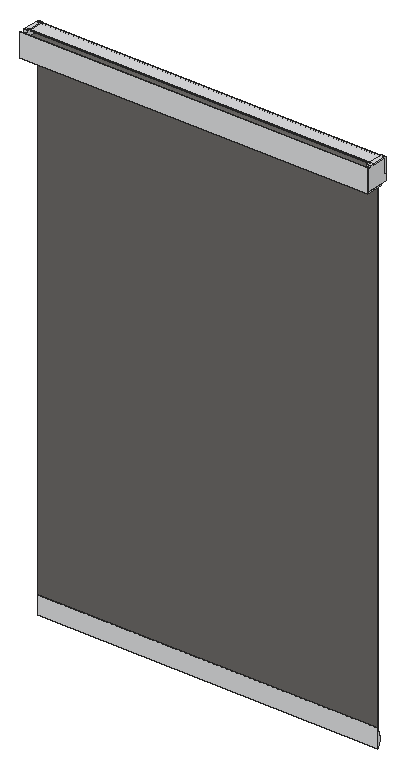
Revit family "Shades-Hunter_Douglas-RB500-Single_Standard_Duty-Auto-Bracket_Fascia-3in", category Specialty Equipment, Revit 2024
Family settings
  Round Connector Dimension = Use Diameter
  Part Type = Normal
  OmniClass Number = 23.30.60.14
  OmniClass Title = Interior Window Treatment
  Work Plane-Based = No
  Enable Cutting in Views = No
  Always vertical = Yes
  Cut with Voids When Loaded = No
  Maintain Annotation Orientation = No
  Shared = No
  Room Calculation Point = No
Parameters (values of type "Automated")
  URL = "https://www.hunterdouglasarchitectural.com/"
  Type Comments = "Roller Shade"  # constant formula
  Model = "Standard Duty Automated 3IN Bracket Fascia"  # constant formula
  Manufacturer = "Hunter Douglas Architectural"  # constant formula
  Description = "Standard Duty Automated Roller Shade"  # constant formula
  Default Elevation = 0' - 0"
  CD_Width [instance] = 4' - 0"
  CD_Warranty = "https://assets.hunterdouglasarchitectural.com/documents/RB500/Lifetime_Guarantee_HDA.pdf?_rand=1465740819000"
  CD_Product Page URL = "https://www.hunterdouglasarchitectural.com/windowcoverings/rollershades/RB500/index.jsp"
  CD_Product Name = "RB 500 Roller Shade System"  # constant formula
  CD_Product Documentation Link = "https://www.hunterdouglasarchitectural.com/windowcoverings/rollershades/RB500/index.jsp#cadDrawing"
  CD_Opening Percentage [instance] = 25
  CD_Microsite = "https://microsite.caddetails.com/1669"
  CD_Install Documentation = "https://www.hunterdouglasarchitectural.com/windowcoverings/rollershades/RB500/index.jsp#installationPage"
  CD_Height Opening [instance] = ((CD_Height - CD_Bracket Height - 0' 1 101/256") * CD_Opening Percentage) / 100  # 1' - 10.82324"
  CD_Height [instance] = 8' - 0"
  CD_Finish Rail = Metal-Hunter_Douglas-Aluminum
  CD_Finish Frame = Metal-Hunter_Douglas-Aluminum
  CD_Finish = Fabric-Shade-Hunter_Douglas-5%-E_Screen-Charcoal_Cocoa
  CD_Fabric Sizing Disclaimer = "Designer to verify maximum fabric size with Manufacturer as the maximum fabric size is dependent on finished dimensions"  # constant formula
  CD_Bracket Height = 0' - 3 5/16"  # constant formula
  CD_Bracket Depth = 0' - 3 9/64"  # constant formula
  Assembly Code = "E2010300"
Reference planes (in)
  plane 1 "Center (Front/Back)": y = -0.11638
  plane 2 "Bottom": z = 0
  plane 3 "Center (Left/Right)": x = 0
  plane 4 "Top": z = 96
  plane 5 "Left": x = -24
  plane 6 "Right": x = 24
  plane 7 "Back": y = 1.57031
  plane 8 "Front": y = -1.57031
  plane 9 "Opening": z = 22.82324
  plane 10 "Head Height": z = 92.6875
  plane 11 "Shade Left": x = -23.44922
  plane 12 "Shade Right": x = 23.44922
  plane 13 "Blind Location": y = 0.87669
  plane 14 "Center (Elevation)": z = 94.26439
Forms (in)
  Extrusion 1, solid, material "Fabric-Shade-Hunter_Douglas-5%-E_Screen-Charcoal_Cocoa" <- "CD_Finish"
    sketch origin (0, -0.16063, 0) x (0, 1, 0) y (0, 0, 1)
      loop
        line (1.05481, 22.82324) -> (1.05481, 93.46875) -> (1.01983, 93.46875) -> (1.01983, 22.82324) -> (1.05481, 22.82324)
    from -23.44922 to 23.44922
  Extrusion 2, solid, material "Metal-Hunter_Douglas-Aluminum" <- "CD_Finish Frame", detail levels medium+fine
    sketch origin (0, 0, 0) x (0, 1, 0) y (0, 0, 1)
      loop
        arc (0.76815, 92.68635) -> (0.81413, 92.70906) -> (0.82405, 92.75937) r 0.05791
        line (0.82405, 92.75937) -> (-1.4994, 92.75937) -> (-1.4994, 95.87162) -> (-1.57031, 95.87162) -> (-1.57031, 92.68635) -> (0.76815, 92.68635)
    from -24 to 24
  Extrusion 3, solid, material "Metal-Hunter_Douglas-Aluminum" <- "CD_Finish Rail", detail levels fine
    sketch origin (0, 0, 0) x (0, 1, 0) y (0, 0, 1)
      loop
        line (1.17747, 24.10476) -> (0.90969, 25.12333) -> (0.90969, 25.4029) -> (0.84719, 25.4029) -> (0.84719, 22.82324) -> (0.97085, 22.82324) -> (1.17642, 23.59226)
        arc (1.17642, 23.59226) -> (1.21033, 23.84844) -> (1.17747, 24.10476) r 1
    from -23.44922 to 23.44922
  Extrusion 4, solid, material "Fabric-Shade-Hunter_Douglas-5%-E_Screen-Charcoal_Cocoa" <- "CD_Finish"
    sketch origin (0, -0.16063, 0) x (0, 1, 0) y (0, 0, 1)
      loop
        arc (1.05481, 94.41593) -> (-0.97481, 94.3412) -> (1.01983, 93.95861) r 1.02203
        line (1.01983, 93.95861) -> (1.01983, 92.41406) -> (1.05481, 92.41406) -> (1.05481, 94.41593)
    from -23.44922 to 23.44922
  Extrusion 5, solid, material "Metal-Hunter_Douglas-Aluminum" <- "CD_Finish Frame", detail levels medium+fine
    sketch origin (0, 0, 0) x (0, 1, 0) y (0, 0, 1)
      loop
        line (1.49031, 95.77162) -> (1.49031, 93.95162) -> (1.57031, 93.95162) -> (1.57031, 95.80162)
        arc (1.57031, 95.80162) -> (1.52638, 95.90768) -> (1.42031, 95.95162) r 0.15
        line (1.42031, 95.95162) -> (-0.54607, 95.95162) -> (-0.54607, 95.87162) -> (1.39031, 95.87162)
        arc (1.39031, 95.87162) -> (1.46102, 95.84233) -> (1.49031, 95.77162) r 0.1
    from -24 to 24
  Extrusion 6, solid, material "Metal-Hunter_Douglas-Aluminum" <- "CD_Finish Frame", detail levels medium+fine
    sketch origin (0, 0, 0) x (0, 1, 0) y (0, 0, 1)
      loop
        line (1.57031, 92.95162) -> (1.57031, 95.95162) -> (-0.92969, 95.95162) -> (-0.92969, 95.64988) -> (-1.42969, 95.56173) -> (-1.42969, 92.95162) -> (1.57031, 92.95162)
    from 23.44922 to 24
  Extrusion 7, solid, material "Metal-Hunter_Douglas-Aluminum" <- "CD_Finish Frame", detail levels coarse
    sketch origin (0, 0, 0) x (0, 1, 0) y (0, 0, 1)
      loop
        line (1.57031, 95.95162) -> (-1.57031, 95.95162) -> (-1.57031, 92.68635) -> (1.57031, 92.68635) -> (1.57031, 95.95162)
    from -24 to 24
  Extrusion 8, solid, material "Metal-Hunter_Douglas-Aluminum" <- "CD_Finish Frame", detail levels medium+fine
    sketch origin (-25.5, 0, 0) x (0, 1, 0) y (0, 0, 1)
      loop
        line (1.57031, 92.95162) -> (1.57031, 95.95162) -> (-0.92969, 95.95162) -> (-0.92969, 95.64988) -> (-1.42969, 95.56173) -> (-1.42969, 92.95162) -> (1.57031, 92.95162)
    from 1.5 to 2.05078
Cuts and joins
  joined: Extrusion 1, Extrusion 4
Dimensions and locks (in)
  "CD_Height": plane 4 "Top" to plane 2 "Bottom"
  equal spacing: plane 5 "Left", plane 3 "Center (Left/Right)", plane 6 "Right"
  "CD_Width": plane 5 "Left" to plane 6 "Right"
  locked: plane 8 "Front" to plane 1 "Center (Front/Back)" at 1.45393
  "CD_Bracket Depth": plane 8 "Front" to plane 7 "Back"
  locked: Extrusion 1 sketch curve to plane 10 "Head Height" at 0.78125
  Extrusion 1 sketch curve to plane 13 "Blind Location" to Extrusion 1 sketch curve = 0' - 0.01749" locked, 0' - 0.01749" locked
  locked: plane 5 "Left" to plane 11 "Shade Left" at 0.55078
  locked: plane 12 "Shade Right" to plane 6 "Right" at 0.55078
  "CD_Height Opening": plane 9 "Opening" to level
  "CD_Bracket Height": plane 4 "Top" to plane 10 "Head Height"
  Extrusion 3 sketch curve to Extrusion 3 sketch curve to Extrusion 3 sketch curve to Extrusion 3 sketch curve to plane 9 "Opening" to Extrusion 3 sketch curve = 0' - 0.27957" locked, 0' - 1.01857" locked, 0' - 0.51251" locked, 0' - 0.76901" locked, 0' - 0" locked
  Extrusion 3 sketch curve to Extrusion 3 sketch curve to Extrusion 3 sketch curve to Extrusion 3 sketch curve to Extrusion 3 sketch curve to plane 13 "Blind Location" to Extrusion 3 sketch curve = 0' - 0.03287" locked, 0' - 0.00105" locked, 0' - 0.20556" locked, 0' - 0.06117" locked, 0' - 0.03299" locked, 0' - 0.02951" locked
  Extrusion 4 sketch curve to Extrusion 4 sketch curve to Extrusion 4 sketch curve to plane 4 "Top" = 0' - 2.00187" locked, 0' - 0.86934" locked, 0' - 0.71473" locked
  plane 7 "Back" to Extrusion 4 sketch curve to Extrusion 4 sketch curve to Extrusion 4 sketch curve to Extrusion 4 sketch curve = 0' - 0.67613" locked, 0' - 0" locked, 0' - 0.03498" locked, 0' - 1.99761" locked
  Extrusion 6 sketch curve to plane 7 "Back" to Extrusion 6 sketch curve to Extrusion 6 sketch curve = 0' - 0" locked, 0' - 2 1/2" locked, 0' - 0 1/2" locked
  plane 4 "Top" to Extrusion 6 sketch curve to Extrusion 6 sketch curve to Extrusion 6 sketch curve to Extrusion 6 sketch curve = 0' - 0.04838" locked, 0' - 0.30173" locked, 0' - 0.08816" locked, 0' - 2.61011" locked
  Extrusion 2 sketch curve to Extrusion 2 sketch curve to plane 10 "Head Height" to Extrusion 2 sketch curve = 0' - 3.11225" locked, 0' - 0.07187" locked, 0' - 0.00115" locked
  Extrusion 2 sketch curve to Extrusion 2 sketch curve to plane 8 "Front" to Extrusion 2 sketch curve = 0' - 2.32546" locked, 0' - 0.07091" locked, 0' - 0" locked
  Extrusion 8 sketch curve to plane 7 "Back" to Extrusion 8 sketch curve to Extrusion 8 sketch curve = 0' - 0" locked, 0' - 2 1/2" locked, 0' - 0 1/2" locked
  plane 4 "Top" to Extrusion 8 sketch curve to Extrusion 8 sketch curve to Extrusion 8 sketch curve to Extrusion 8 sketch curve = 0' - 0.04838" locked, 0' - 0.30173" locked, 0' - 0.08816" locked, 0' - 2.61011" locked
  locked: plane 14 "Center (Elevation)" to plane 10 "Head Height" at 1.57689
  aligned and locked: plane 2 "Bottom" to level
  aligned and locked: Extrusion 1 to plane 11 "Shade Left"
  aligned and locked: plane 12 "Shade Right" to Extrusion 1
  aligned and locked: Extrusion 1 to plane 9 "Opening"
  aligned and locked: Extrusion 2 to plane 5 "Left"
  aligned and locked: plane 6 "Right" to Extrusion 2
  aligned and locked: Extrusion 1 to Extrusion 3
  aligned and locked: Extrusion 3 to Extrusion 1
  aligned and locked: Extrusion 4 to plane 11 "Shade Left"
  aligned and locked: plane 12 "Shade Right" to Extrusion 4
  aligned and locked: Extrusion 7 sketch curve to Extrusion 6  (x2)
  aligned and locked: Extrusion 7 sketch curve to Extrusion 2  (x2)
  aligned and locked: Extrusion 7 to plane 5 "Left"
  aligned and locked: plane 6 "Right" to Extrusion 7
  aligned and locked: plane 6 "Right" to Extrusion 6
  aligned and locked: Extrusion 6 to plane 12 "Shade Right"
  aligned and locked: Extrusion 5 to plane 5 "Left"
  aligned and locked: plane 6 "Right" to Extrusion 5
  aligned and locked: Extrusion 8 to plane 5 "Left"
  aligned and locked: plane 11 "Shade Left" to Extrusion 8
Automatic sketch dimensions
  plane 9 "Opening" to Extrusion 1 sketch curve = 0' - 0"
  Extrusion 2 sketch curve to Extrusion 2 sketch curve = 0' - 0.0559"
  Extrusion 5 sketch curve to plane 7 "Back" = 0' - 0"
  plane 7 "Back" to Extrusion 5 sketch curve = 0' - 0.08"
  Extrusion 5 sketch curve to plane 4 "Top" = 0' - 0.04838"
  plane 7 "Back" to Extrusion 5 sketch curve = 0' - 0.15"
  Extrusion 5 sketch curve to Extrusion 5 sketch curve = 0' - 0.03"
  Extrusion 5 sketch curve to plane 4 "Top" = 0' - 0.12838"
  plane 1 "Center (Front/Back)" to Extrusion 5 sketch curve = 0' - 0 55/128"
  plane 10 "Head Height" to Extrusion 5 sketch curve = 0' - 1.26412"
